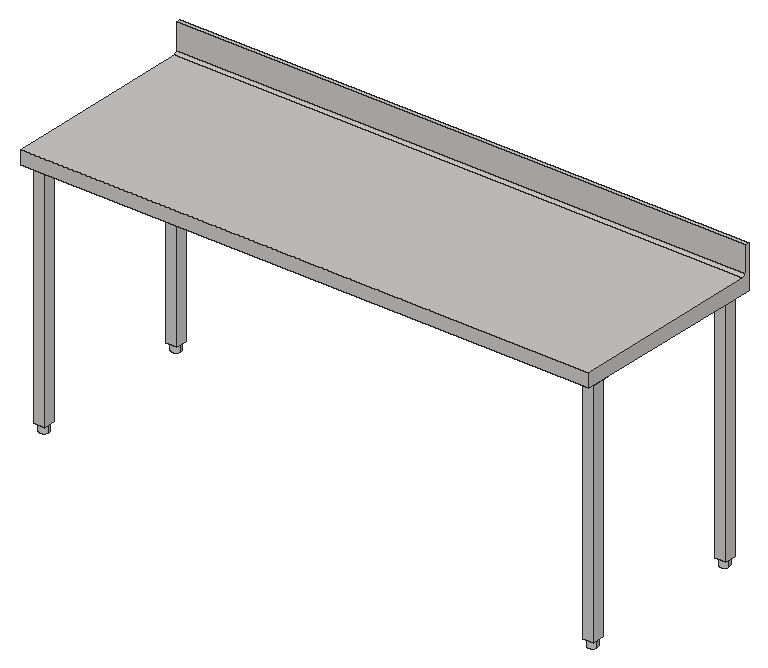
Revit family "QF_ZANUSSI_132850_WTD2017N", category Attrezzature speciali, Revit 2020
Family settings
  Quota connettore circolare = Usa diametro
  Tipo di parte = Normale
  Basato su piano di lavoro = No
  Sempre verticale = Sì
  Taglio con vuoti quando caricato = No
  Condiviso = No
  Punto di calcolo locali = No
Parameters (values of type "Standard")
  Weight = 63.00 kg
  Watts = 0 W
  Volts = 0 V
  URL Manufacturer = "http://www.zanussiprofessional.com"
  URL = "http://www.zanussiprofessional.com"
  Steam Supply Size = 0 mm
  Steam Supply Minimum Pressure = 0.0 Pa
  Steam Supply Maximum Pressure = 0.0 Pa
  Steam Consumption per Hour = 0
  Refrigeration Suction Line Size = 0.0 mm
  Refrigeration Liquid Line Size = 0.0 mm
  Refrigerant Compressor Remote = yes
  Prospetto di default = 0.0 mm
  Produttore = "Zanussi"
  Phase = 0
  Modello = "WTD2017N"
  Length Actual = 2000.0 mm  # constant formula
  Item Number = "132850"
  Hot Water Size = 0 mm
  Height Actual = 900.0 mm  # constant formula
  HP = "0 HP"
  Gas Size = 0 mm
  Gas KW = 0
  Gas Input Pressure = 0 W
  Direct Waste Size = 0 mm
  Descrizione = "WORK TABLE+UPSTAND-DISASSEMBLED 2000MM"
  Depth Actual = 700.0 mm  # constant formula
  Cycle = 0 Hz
  Condensate Return Size = 0 mm
  Compressed Air Volume = 0.0 L/s
  Compressed Air Size = 0 mm
  Compressed Air Pressure = 0.0 Pa
  Cold Water Size = 0 mm
  Accessory = yes
Reference planes
  plane 1 "Center (Front/Back)": y = 0
  plane 2: z = 0
  plane 3 "Center (Left/Right)": x = -500
  plane 4 "LEFT": x = -1500
  plane 5 "RIGHT": x = 500
  plane 6 "BACK": y = 350
  plane 7 "FRONT": y = -350
  plane 8 "Base": z = 850
  plane 9 "TOP": z = 900
  plane 10: x = -1464.5
  plane 11: x = 464.5
  plane 12: y = 290
  plane 13: y = -290
Forms (mm)
  Extrusion 1, solid, material "QF_Finishes_Stainless Steel"
    sketch origin (-500, 0, 0) x (0, 1, 0) y (0, 0, 1)
      loop
        line (-350, 850) -> (350, 850) -> (350, 1000) -> (337, 1000) -> (337, 910)
        arc (337, 910) -> (334.071, 902.929) -> (327, 900) r 10
        line (327, 900) -> (-350, 900) -> (-350, 850)
    from 1000 to -1000
Lines and regions (mm)
  symbolic lines
    curve 1: line (500, 350, 900) -> (-1500, 350, 900)
    curve 2: line (-1500, 350, 900) -> (-1500, -350, 900)
    curve 3: line (-1500, -350, 900) -> (500, -350, 900)
    curve 4: line (500, -350, 900) -> (500, 350, 900)
    curve 5: line (500, 337, 900) -> (-1500, 337, 900)
Dimensions and locks
  plane 4 "LEFT" to plane 5 "RIGHT" = 2000.0 mm
  equal spacing: plane 4 "LEFT", plane 3 "Center (Left/Right)", plane 5 "RIGHT"
  locked: plane 8 "Base" to level at 850
  plane 4 "LEFT" to plane 10 = 35.5 mm
  plane 11 to plane 5 "RIGHT" = 35.5 mm
  plane 10 to plane 11 = 1929.0 mm
  locked: Extrusion 1 to level at 1000
  plane 9 "TOP" to level = 900.0 mm
  plane 6 "BACK" to plane 12 = 60.0 mm
  plane 13 to plane 7 "FRONT" = 60.0 mm
  plane 6 "BACK" to plane 7 "FRONT" = 700.0 mm
  plane 12 to plane 13 = 580.0 mm
  equal spacing: plane 6 "BACK", plane 1 "Center (Front/Back)", plane 7 "FRONT"
  aligned and locked: level to plane 2
  aligned and locked: plane 10 to nested 1
  aligned and locked: nested 1 to plane 13
  aligned and locked: plane 11 to nested 2
  aligned and locked: nested 2 to plane 13
  aligned and locked: plane 11 to nested 4
  aligned and locked: nested 4 to plane 12
  aligned and locked: plane 10 to nested 3
  aligned and locked: nested 3 to plane 12
  aligned and locked: Extrusion 1 to plane 4 "LEFT"
  aligned and locked: plane 5 "RIGHT" to Extrusion 1
  aligned and locked: curve 2 to plane 4 "LEFT"
Automatic sketch dimensions
  Extrusion 1 sketch curve to plane 7 "FRONT" = 0.0 mm
  Extrusion 1 sketch curve to plane 9 "TOP" = 0.0 mm
  Extrusion 1 sketch curve to plane 6 "BACK" = 0.0 mm
  Extrusion 1 sketch curve to plane 8 "Base" = 0.0 mm
  plane 9 "TOP" to Extrusion 1 sketch curve = 10.0 mm
  Extrusion 1 sketch curve to plane 6 "BACK" = 13.0 mm
  Extrusion 1 sketch curve to Extrusion 1 sketch curve = 90.0 mm
  curve 3 to plane 7 "FRONT" = 0.0 mm
  curve 5 to plane 5 "RIGHT" = 0.0 mm
  curve 4 to plane 6 "BACK" = 0.0 mm
  curve 5 to plane 6 "BACK" = 13.0 mm
Nested families
  nested 1: "FEET_40x40" at (-1464.5, -290, 0), type "FEET_40x40"
  nested 2: "FEET_40x40" at (464.5, -290, 0), type "FEET_40x40"
  nested 3: "FEET_40x40" at (-1464.5, 290, 0), type "FEET_40x40"
  nested 4: "FEET_40x40" at (464.5, 290, 0), type "FEET_40x40"
Definition of nested family "FEET_40x40"
  Parameters
    Default Elevation = 0.0 mm
    FEET = 850.0 mm
  Reference planes
    plane 1 "Center (Front/Back)": y = 0
    plane 2: z = 0
    plane 3 "Center (Left/Right)": x = 0
    plane 4: z = 850
  Forms (mm)
    Extrusion 1, solid
      sketch origin (0, 0, 0) x (1, 0, 0) y (0, 1, 0)
        loop
          line (-20, -20) -> (20, -20) -> (20, 20) -> (-20, 20) -> (-20, -20)
      from 25 to 845
    Extrusion 2, solid
      sketch origin (0, 0, 0) x (1, 0, 0) y (0, 1, 0)
        loop
          circle (0, 0) r 16
      from 0 to 25
    Extrusion 3, solid
      sketch origin (0, 0, 0) x (1, 0, 0) y (0, 1, 0)
        loop
          line (30, 30) -> (-30, 30) -> (-30, -30) -> (30, -30) -> (30, 30)
      from 845 to 850
  Lines and regions (mm)
    symbolic lines
      curve 1: line (0, -1.503, 0) -> (0, 1.508, 0)
      curve 2: line (1.561, 0, 0) -> (-1.439, 0, 0)
  Dimensions and locks
    "FEET": plane 4 to plane 2
    aligned and locked: level to plane 2
  Automatic sketch dimensions
    Extrusion 1 sketch curve to plane 3 "Center (Left/Right)" = 20.0 mm
    plane 3 "Center (Left/Right)" to Extrusion 1 sketch curve = 20.0 mm
    plane 1 "Center (Front/Back)" to Extrusion 1 sketch curve = 20.0 mm
    Extrusion 1 sketch curve to plane 1 "Center (Front/Back)" = 20.0 mm
    plane 1 "Center (Front/Back)" to Extrusion 2 sketch curve = 0.0 mm
    Extrusion 2 sketch curve to plane 3 "Center (Left/Right)" = 0.0 mm
    plane 3 "Center (Left/Right)" to Extrusion 3 sketch curve = 30.0 mm
    Extrusion 3 sketch curve to plane 1 "Center (Front/Back)" = 30.0 mm
    Extrusion 3 sketch curve to plane 3 "Center (Left/Right)" = 30.0 mm
    plane 1 "Center (Front/Back)" to Extrusion 3 sketch curve = 30.0 mm
    plane 1 "Center (Front/Back)" to curve 2 = 0.0 mm
    curve 1 to plane 3 "Center (Left/Right)" = 0.0 mm
    curve 2 to plane 3 "Center (Left/Right)" = 1.439 mm
    plane 3 "Center (Left/Right)" to curve 2 = 1.561 mm
    plane 1 "Center (Front/Back)" to curve 1 = 1.503 mm
    curve 1 to plane 1 "Center (Front/Back)" = 1.508 mm
    radius of Extrusion 2 sketch curve = 16.0 mm
